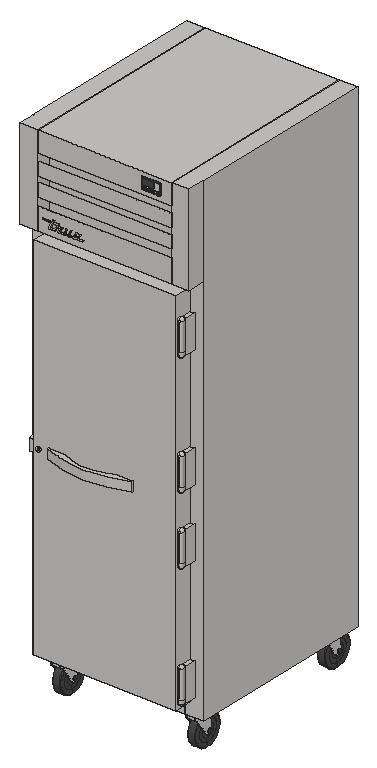
Revit family "QF_TRUE_STG1R-1S", category Specialty Equipment, Revit 2012 (continued)
Automatic sketch dimensions
  Revolve 38 sketch curve to Revolve 38 sketch curve = 1/4"
  Revolve 38 sketch curve to Revolve 38 sketch curve = 1/2"
  Revolve 38 sketch curve to Revolve 38 sketch curve = 0"
  Revolve 38 sketch curve to Revolve 38 sketch curve = 5/8"
  Revolve 39 sketch curve to plane 7 = 0.62954"
  plane 3 "LEFT" to Revolve 39 sketch curve = 1.54668"
  Revolve 39 sketch curve to Revolve 39 sketch curve = 1.29707"
  Revolve 39 sketch curve to Revolve 39 sketch curve = 0"
  Revolve 39 sketch curve to Revolve 39 sketch curve = 0.10278"
  Revolve 39 sketch curve to plane 7 = 0.00141"
  Extrusion 40 sketch curve to plane 7 = 0.63926"  (x2)
  Extrusion 40 sketch curve to plane 5 "FRONT" = 3.79864"
  Extrusion 40 sketch curve to Extrusion 40 sketch curve = 1/4"  (x2)
  Extrusion 40 sketch curve to Extrusion 40 sketch curve = 2 1/2"
  Extrusion 40 sketch curve to plane 7 = 0.93273"  (x2)
  Extrusion 40 sketch curve to Extrusion 40 sketch curve = 0.03603"
  plane 1 "BACK" to Extrusion 40 sketch curve = 3.8577"
  Extrusion 40 sketch curve to plane 7 = 1.24411"
  plane 1 "BACK" to Extrusion 40 sketch curve = 1.1077"
  plane 3 "LEFT" to Revolve 41 sketch curve = 1.33602"
  Revolve 41 sketch curve to Revolve 41 sketch curve = 0.48273"
  Revolve 41 sketch curve to Revolve 41 sketch curve = 0.4"
  Revolve 41 sketch curve to Revolve 41 sketch curve = 0"  (x2)
  Revolve 41 sketch curve to Revolve 41 sketch curve = 0.1"  (x2)
  Revolve 41 sketch curve to Revolve 41 sketch curve = 0.16101"
  Revolve 41 sketch curve to Revolve 41 sketch curve = 0.75408"
  Revolve 41 sketch curve to Revolve 41 sketch curve = 0.92798"
  Revolve 41 sketch curve to Revolve 41 sketch curve = 0.06101"
  Revolve 41 sketch curve to Revolve 41 sketch curve = 1/2"
  Revolve 41 sketch curve to Revolve 41 sketch curve = 0.16509"
  Revolve 41 sketch curve to Revolve 41 sketch curve = 0.39592"
  level to Revolve 41 sketch curve = 2 1/2"
  Revolve 41 sketch curve to Revolve 41 sketch curve = 0.29941"  (x2)
  Revolve 41 sketch curve to Revolve 41 sketch curve = 3/4"  (x4)
  Revolve 41 sketch curve to Revolve 41 sketch curve = 0.59652"
  Revolve 41 sketch curve to Revolve 41 sketch curve = 0.60059"
  Revolve 24 sketch curve to Revolve 24 sketch curve = 0.16101"  (x2)
  Revolve 28 sketch curve to Revolve 28 sketch curve = 1/2"
  Revolve 28 sketch curve to Revolve 28 sketch curve = 1/4"
  Revolve 28 sketch curve to Revolve 28 sketch curve = 1.33338"
  Revolve 29 sketch curve to Revolve 29 sketch curve = 1/2"
  Revolve 29 sketch curve to Revolve 29 sketch curve = 1/4"
  Revolve 29 sketch curve to Revolve 29 sketch curve = 1.33338"
  Revolve 32 sketch curve to Revolve 32 sketch curve = 0.16101"  (x2)
  plane 7 to Extrusion 8 sketch curve = 31.64395"
  plane 7 to Blend 11 sketch curve = 32.86669"
  Blend 11 sketch curve to plane 7 = 30.5191"
  plane 7 to Extrusion 15 sketch curve = 38.92729"
  plane 7 to Extrusion 17 sketch curve = 38.8486"
  plane 7 to Extrusion 18 sketch curve = 27.92729"
  plane 7 to Revolve 19 sketch curve = 28.74508"
  plane 7 to Extrusion 20 sketch curve = 27.8486"
  plane 7 to Extrusion 21 sketch curve = 8.17729"
  plane 7 to Extrusion 21 sketch curve = 3.57348"
  plane 7 to Revolve 22 sketch curve = 8.99508"
  plane 7 to Revolve 22 sketch curve = 3.62689"
  plane 7 to Extrusion 23 sketch curve = 8.0986"
  plane 7 to Extrusion 23 sketch curve = 3.62579"
  plane 7 to Revolve 27 sketch curve = 0.26768"
  plane 7 to Revolve 28 sketch curve = 1 25/32"
  plane 7 to Revolve 29 sketch curve = 1 25/32"
  plane 7 to Revolve 30 sketch curve = 0.26768"
  plane 7 to Revolve 36 sketch curve = 0.26768"
  plane 7 to Revolve 37 sketch curve = 1 25/32"
  plane 7 to Revolve 38 sketch curve = 1 25/32"
  plane 7 to Revolve 39 sketch curve = 0.26768"
  Extrusion 3 sketch curve to plane 9 = 0"  (x4)
  Extrusion 3 sketch curve to plane 6 "TOP" = 0"
  plane 9 to Extrusion 3 sketch curve = 2.2042"  (x2)
  Extrusion 3 sketch curve to Extrusion 3 sketch curve = 0"
  Extrusion 3 sketch curve to Extrusion 3 sketch curve = 1/2"
  plane 1 "BACK" to Extrusion 3 sketch curve = 0"
  Extrusion 3 sketch curve to plane 6 "TOP" = 3.34422"
  Extrusion 3 sketch curve to Extrusion 3 sketch curve = 1.12227"  (x2)
  Extrusion 3 sketch curve to Extrusion 3 sketch curve = 0.445"
  Extrusion 3 sketch curve to Extrusion 3 sketch curve = 2.13371"  (x2)
  Extrusion 3 sketch curve to Extrusion 3 sketch curve = 0.96076"  (x2)
  Extrusion 3 sketch curve to Extrusion 3 sketch curve = 2.0962"  (x2)
  Extrusion 3 sketch curve to Extrusion 3 sketch curve = 1.27557"  (x2)
  Extrusion 3 sketch curve to Extrusion 3 sketch curve = 2 1/8"
  Extrusion 3 sketch curve to plane 7 = 0"
  Blend 11 sketch curve to Blend 11 sketch curve = 3/4"
  Blend 11 sketch curve to Blend 11 sketch curve = 0.93223"
  Extrusion 2 sketch curve to plane 4 "RIGHT" = 2.96468"
  Extrusion 4 sketch curve to Extrusion 4 sketch curve = 2 13/16"
  plane 8 to Extrusion 7 sketch curve = 1 29/32"
  plane 8 to Extrusion 8 sketch curve = 0.1984"
  Extrusion 10 sketch curve to plane 4 "RIGHT" = 3 1/4"
  Blend 11 sketch curve to plane 8 = 9/16"
  plane 8 to Blend 11 sketch curve = 9/16"
  Extrusion 14 sketch curve to plane 4 "RIGHT" = 1.91491"
  Extrusion 17 sketch curve to plane 4 "RIGHT" = 1.91491"
  Extrusion 20 sketch curve to plane 4 "RIGHT" = 1.91491"
  Extrusion 23 sketch curve to plane 4 "RIGHT" = 1.91491"
  Revolve 24 sketch curve to plane 4 "RIGHT" = 4.35148"
  Revolve 24 sketch curve to Revolve 24 sketch curve = 0.4"
  Revolve 24 sketch curve to Revolve 24 sketch curve = 0.75408"
  Revolve 27 sketch curve to plane 4 "RIGHT" = 4.14082"
  Revolve 27 sketch curve to Revolve 27 sketch curve = 1.29707"
  Revolve 28 sketch curve to plane 4 "RIGHT" = 4.17713"
  Revolve 28 sketch curve to Revolve 28 sketch curve = 0"
  Revolve 29 sketch curve to plane 4 "RIGHT" = 4.17713"
  Revolve 29 sketch curve to Revolve 29 sketch curve = 0"
  Revolve 30 sketch curve to plane 4 "RIGHT" = 4.14082"
  Revolve 30 sketch curve to Revolve 30 sketch curve = 1.29707"
  Revolve 32 sketch curve to plane 4 "RIGHT" = 4.35148"
  Revolve 32 sketch curve to Revolve 32 sketch curve = 0.4"
  Revolve 32 sketch curve to Revolve 32 sketch curve = 0.75408"
  Extrusion 42 sketch curve to plane 6 "TOP" = 2.55982"
  Extrusion 42 sketch curve to plane 4 "RIGHT" = 7.75585"
  Extrusion 42 sketch curve to Extrusion 42 sketch curve = 2 29/32"
  Extrusion 42 sketch curve to plane 6 "TOP" = 13/16"
  Extrusion 43 sketch curve to plane 6 "TOP" = 3/4"
  Extrusion 43 sketch curve to plane 4 "RIGHT" = 7.81835"
  Extrusion 43 sketch curve to Extrusion 43 sketch curve = 1/16"  (x4)
  Extrusion 43 sketch curve to Extrusion 43 sketch curve = 0.1375"  (x2)
  Extrusion 43 sketch curve to Extrusion 43 sketch curve = 1/4"  (x4)
  Extrusion 43 sketch curve to Extrusion 43 sketch curve = 0.44601"
  Extrusion 43 sketch curve to Extrusion 43 sketch curve = 1/2"  (x2)
  Extrusion 43 sketch curve to Extrusion 43 sketch curve = 0.0035"
  Extrusion 43 sketch curve to Extrusion 43 sketch curve = 1.06923"
  Extrusion 43 sketch curve to plane 6 "TOP" = 0.95"
  Extrusion 43 sketch curve to Extrusion 43 sketch curve = 1"
  Extrusion 43 sketch curve to Extrusion 43 sketch curve = 0.34106"  (x3)
  Extrusion 43 sketch curve to Extrusion 43 sketch curve = 0"
  Extrusion 43 sketch curve to Extrusion 43 sketch curve = 0.26876"
  Extrusion 6 sketch curve to plane 8 = 9/16"
  plane 7 to Extrusion 6 sketch curve = 1 29/32"
  Extrusion 6 sketch curve to plane 4 "RIGHT" = 2 9/32"
  Extrusion 6 sketch curve to plane 6 "TOP" = 16 5/32"
  plane 1 "BACK" to curve 1 = 0"
  curve 1 to plane 3 "LEFT" = 0"
  plane 5 "FRONT" to curve 27 = 0"
  curve 5 to plane 4 "RIGHT" = 0"
  plane 3 "LEFT" to curve 11 = 1.20097"
  plane 3 "LEFT" to curve 8 = 1.20097"
  curve 27 to plane 8 = 9/16"
  curve 13 to plane 8 = 11/32"
  curve 9 to plane 8 = 11/32"
  plane 1 "BACK" to curve 11 = 0.4208"
  plane 8 to curve 11 = 0.98222"
  plane 8 to curve 7 = 0.98222"
  plane 5 "FRONT" to curve 24 = 0.2"
  plane 8 to curve 24 = 1.91371"
  curve 24 to curve 22 = 2.4"
  plane 8 to curve 26 = 2.51054"
  curve 6 to curve 22 = 6.43246"
  curve 23 to curve 22 = 0"
  curve 22 to curve 25 = 2.4"
  curve 15 to plane 4 "RIGHT" = 5.39157"
  curve 20 to plane 4 "RIGHT" = 5.39157"
  curve 19 to curve 20 = 1.29904"
  curve 15 to curve 16 = 1.29904"
  curve 18 to plane 4 "RIGHT" = 2.76657"
  plane 1 "BACK" to curve 15 = 0.4208"
  curve 15 to plane 4 "RIGHT" = 2.76657"
  curve 26 to curve 27 = 0"
  curve 5 to plane 5 "FRONT" = 2 1/4"
  curve 21 to plane 5 "FRONT" = 3.92849"
  curve 5 to curve 8 = 1.78257"
  curve 20 to curve 20 = 3/4"
  curve 8 to curve 7 = 3/4"
  curve 22 to curve 6 = 0.80021"
  curve 22 to curve 23 = 7.30945"
  curve 12 to curve 10 = 5.29663"
  curve 16 to curve 14 = 5.29663"
  curve 27 to plane 4 "RIGHT" = 2 9/32"
  plane 5 "FRONT" to Extrusion 44 sketch curve = 0.00021"
  Extrusion 44 sketch curve to plane 8 = 9/16"
  plane 5 "FRONT" to Extrusion 44 sketch curve = 0.16736"
  Extrusion 44 sketch curve to plane 4 "RIGHT" = 2.35535"
  plane 10 to Extrusion 44 sketch curve = 0"
  radius of Extrusion 8 sketch curve = 0.35"
  radius of Extrusion 10 sketch curve = 1/4"
Connectors (in)
  electrical at (24.25, -0.0625, 82), driven by "Volts", driven by "Watts"
    settings: on Extrusion 10, index 1, voltage 115 V, apparent load 552 VA, apparent load phase1 0 VA, apparent load phase2 0 VA, apparent load phase3 0 VA, power factor 1, load classification "Other", number of poles 1, system type 30, power factor state 1, is connector primary yes, connector utility no, sub classification motor no, connector description "ELECTRICAL CONNECTION"
